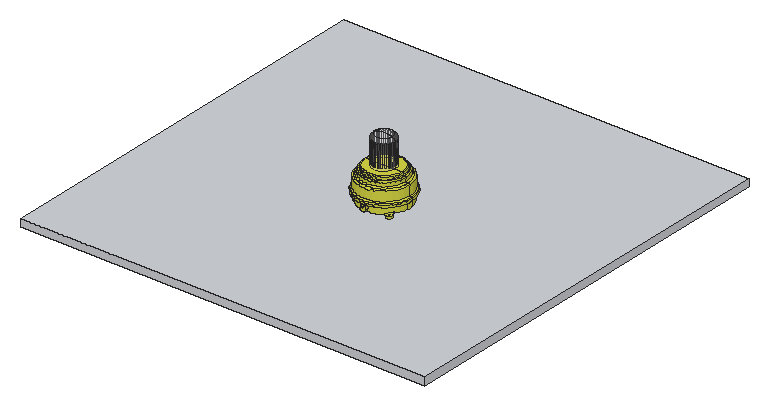
Revit family "EC2N", category Lighting Fixtures, host Face, Revit 2014
Parameters (values of type "EC2N")
  Wings = Paint - Hubbell - Light Silver
  Width = 280.00 mm
  Watts = 50 W
  Wattage Comments = "50W"
  Wattage = 50 W
  Warranty = "5 years Warranty"  # constant formula
  built-in parameter 1150110 = 1 (stored number, unit not read)
  Voltage = 120 V
  URL = "https://www.hubbell.com/chalmit/en"
  built-in parameter 1114217 = 1 (stored number, unit not read)
  Tilt Angle = 90.00°  # constant formula
  built-in parameter 1150109 = 1 (stored number, unit not read)
  built-in parameter 1150134 = 3
  built-in parameter 1150113 = 1 (stored number, unit not read)
  Reflector Finish = Hubbell - White Glass
  Product Link = "https://www.hubbell.com/chalmit/en/Products/Lighting-Controls/Harsh-Hazardous-Lighting/High-Bay---Low-Bay---Well-Glass/Eclipse-II/p/866075"
  Product Documentation Link = "https://hubbellcdn.com/specsheet/CHL_ECLIPSEII_WELLGLASS_ZONE2.pdf"
  Power Factor = 1
  Photometric Web File = "CHL_EC2N_050_HS.ies"
  Pendent Height [instance] = 97.00 mm
  built-in parameter 1150142 = "﻿IESNA:LM-63-1995\r\n[TEST]HPK09955\r\n[TESTLAB]Hubbell Lighting, Inc., Christiansburg, VA 24073-2500\r\n[ISSUEDATE]9-23-2004\r\n[MANUFAC]Chalmit Lighting\r\n[LUMCAT]EC2N/050/HS\r\n[LUMINAIRE]Eclipse II Well Glass\r\n[MORE]HAZ. LOC 8\" TEMPERED FLUTED GLOBE WHITE RUBBER GASKET INSIDE STIPPLING\r\n[LAMPCAT]LU100\r\n[LAMP]50W SON-T\r\n[BALLAST]STD REFERENCE BAL\r\n[DISTRIBUTION]SEMI-DIRECT SC = 0-DEG: 1.9, 90-DEG: 1.9, BTWN 4: 2.1\r\n[MAINTCAT]V\r\n[SEARCH]INDOOR HID\r\n[OTHER]EQUIPPED WITH WHITE SILICONE RUBBER GASKET\r\n[_LUMTYPE]High Bay\r\n[_LAMPTYPE]HID\r\n[_LAMPMORE]Clear Tubular High Pressure Sodium, E27\r\n[_HAZRATING]Zone 2\r\n[_HAZPRO]Ex nA, Ex nR, ATEX, IEC, GOST\r\n[_ENVIRORATING]IP66\r\n[_AMBIENT]-45°C to +55°C (T4)\r\n[_MOUNT]Surface, Suspended, Wall, Stanchion, Pendant\r\n[_KEYWORDS]Wire Guard, Pole, Column, Mast, HPS\r\n[_DRAWFILE]ECLIPSE2-LO.dwg\r\n\r\nTILT=NONE\r\n1 4400 1 68 1 1 1 -0.605 -0.605 0.542\r\n1 1 65\r\n0 2.5 5 7.5 10 12.5 15 17.5 20 22.5 25 27.5 30 32.5 35 37.5 40 42.5 45 47.5 50\r\n 52.5 55 57.5 60 62.5 65 67.5 70 72.5 75 77.5 80 82.5 85 87.5 90 92.5 95 97.5\r\n 100 102.5 105 107.5 110 112.5 115 117.5 120 122.5 125 127.5 130 132.5 135\r\n 137.5 140 142.5 145 147.5 150 152.5 155 157.5 160 162.5 165 180\r\n0\r\n284.4 225.1 153.3 129.7 122.7 120.9 123.7 130.1 150.5 184.3 225.1 251 232 219.1\r\n 242.2 258.4 277.4 337.2 394.6 411.7 418.2 421.9 403.9 388.6 393.2 407.6 420.1\r\n 439.1 449.3 456.7 465.9 470.6 475.2 475.7 479.8 478.9 479.4 471.5 466.4 464.1\r\n 465 476.6 479.4 478 446.9 388.1 300.6 187.6 82 32.4 17.1 13 10.2 8.3 6.9 6 4.6\r\n 4.2 3.7 3.2 2.8 2.3 1.9 1.4 0.9 0.5 0.5 0\r\n"
  Mounting = Paint - Hubbell - Light Silver
  Model = "EC2N"
  Manufacturer = "Chalmit"  # constant formula
  built-in parameter 1150105 = 397.89 (stored number, unit not read)
  Lumens = 5000 lm
  built-in parameter 1150115 = 1 (stored number, unit not read)
  Load Classification = Lighting
  built-in parameter 1150137 = (empty or 0)
  built-in parameter 1150139 = (empty or 0)
  Length = 245.00 mm
  built-in parameter 1150112 = 1 (stored number, unit not read)
  built-in parameter 1150114 = 1 (stored number, unit not read)
  Lamp = "LED"  # constant formula
  Inner Length = 200.00 mm
  built-in parameter 1150132 = (empty or 0)
  built-in parameter 1150102 = (empty or 0)
  built-in parameter 1150107 = 3200 (stored number, unit not read)
  built-in parameter 1150138 = (empty or 0)
  built-in parameter 1150106 = 3.9789 (stored number, unit not read)
  IP Rating = "IP66/67"  # constant formula
  Housing Material = Paint- Hubbell- Yellow
  Glass = Hubbell - Glass
  Fixture distribution = "Direct"  # constant formula
  Features = "Easy access for wiring and control gear.\r\nUnrestricted breathing gear enclosure removes the need for special glands or cable.\r\nCorrosion resistant.\r\nHigh, medium and low bay lighting.\r\nExcellent light distribution.\r\nSuitable for a wide range of ambient temperatures from -30°C to +55°C, dependant on lamp type and wattage.\r\nOption available for Zone 22 combustable dust environments.\r\nATEX Certified, GOST R Approved and IECEx Compliant."  # constant formula
  Emit from Circle Diameter = 50.00 mm
  Emit Shape Visible in Rendering = no
  built-in parameter 1150104 = 9.2903 (stored number, unit not read)
  Height = 535.00 mm
  Dimming Lamp Color Temperature Shift = <None>
  Description = "The Eclipse II wellglass has been designed to make installation quick and simple. The lamp and gear chambers are separated for easy maintenance and require no special cable glands. The luminaire also features a swing barrel nut system. This allows prior installation and wiring of the mounting base without the need to support the body and lamps. This unique design saves on both time and labour costs."  # constant formula
  Default Elevation = 1219.20 mm
  Copyright = " ©2020 Chalmit, a division of Hubbell Lighting, Inc"  # constant formula
  Contact = "https://www.hubbell.com/chalmit/en/contactUs"
  Connector Description = "Lighting Connector"  # constant formula
  Color Filter = 16777215
  built-in parameter 1114218 = 1 (stored number, unit not read)
  built-in parameter 1150133 = 10 (stored number, unit not read)
  Assembly Code = "D5020200"
  Apparent Load = Watts / Power Factor  # 50 VA
Reference planes
  plane 1 "Center (Front/Back)": y = 0
  plane 2: z = 14.125
  plane 3 "Center (Left/Right)": x = 0
  plane 4: z = -150.375
  plane 5: x = 122.5
  plane 6: x = -122.5
  plane 7: z = 105.125
  plane 8: x = -100
  plane 9: x = 100
  plane 10: z = 371.125
  plane 11: z = 178.125
Forms (mm)
  Extrusion 1, solid
    sketch origin (0, 0, 0) x (1, 0, 0) y (0, 1, 0)
      loop
        line (-1219.2, 1219.2) -> (-1219.2, -1219.2) -> (1219.2, -1219.2) -> (1219.2, 1219.2) -> (-1219.2, 1219.2)
    from 14.125 to -31.75
  Revolve 2, solid, material "Paint- Hubbell- Yellow" <- "Housing Material"
    sketch origin (0, 0, 0) x (1, 0, 0) y (0, 0, 1)
      loop
        line (0, 14.125) -> (165, 14.125) -> (165, 70.653)
        arc (165, 70.653) -> (164.187, 73.084) -> (162.074, 74.537) r 4.041
        arc (162.074, 74.537) -> (156.528, 78.349) -> (154.393, 84.732) r 10.607
        line (154.393, 84.732) -> (152.474, 139.698)
        arc (152.474, 139.698) -> (149.552, 143.579) -> (144.924, 145.053) r 8
        line (144.924, 145.053) -> (138.203, 145.053)
        arc (138.203, 145.053) -> (132.44, 147.14) -> (129.35, 152.432) r 9
        line (129.35, 152.432) -> (129.35, 172.432)
        arc (129.35, 172.432) -> (127.885, 175.967) -> (124.35, 177.432) r 5
        line (124.35, 177.432) -> (116.14, 177.432)
        arc (116.14, 177.432) -> (114.268, 178.207) -> (113.492, 180.079) r 2.647
        line (113.492, 180.079) -> (113.492, 192.935)
        arc (113.492, 192.935) -> (112.626, 195.748) -> (110.327, 197.587) r 5
        line (110.327, 197.587) -> (0, 197.587) -> (0, 14.125)
      axis (0, 197.587) -> (0, 14.125)
    angle from 0 to 360
  Revolve 3, solid, material "Hubbell - Glass" <- "Glass"
    sketch origin (0, 0, 0) x (1, 0, 0) y (0, 0, 1)
      loop
        line (0, 197.421) -> (70.292, 197.421) -> (67.81, 339.645)
        arc (67.81, 339.645) -> (62.53, 354.555) -> (49.34, 363.286) r 24.925
        arc (49.34, 363.286) -> (24.876, 368.46) -> (0, 371) r 234.457
        line (0, 371) -> (0, 197.421)
      axis (0, 371) -> (0, 197.421)
    angle from 0 to 360
  Extrusion 4, solid, material "Paint- Hubbell- Yellow" <- "Housing Material"
    sketch origin (-0.804, 79.196, 0) x (0, -1, 0) y (0, 0, -1)
      loop
        line (63.393, -63.584) -> (95, -63.584) -> (95, -29.88)
        arc (95, -29.88) -> (79.196, -14.076) -> (63.393, -29.88) r 15.804
        line (63.393, -29.88) -> (63.393, -63.584)
      loop
        circle (79.821, -44.623) r 10
    from 145.573 to 153.939
  Revolve 5, void
    sketch origin (0, 0, 0) x (1, 0, 0) y (0, 0, 1)
      loop
        arc (156.125, 57.864) -> (151.159, 56.24) -> (147.934, 52.128) r 8.99
        line (147.934, 52.128) -> (147.934, 8.597) -> (168.307, 8.597) -> (168.307, 57.864) -> (156.125, 57.864)
      axis (0, 57.864) -> (0, 8.597)
    angle from 0 to 360
  Extrusion 6, solid, material "Paint- Hubbell- Yellow" <- "Housing Material"
    sketch origin (0.804, 79.196, 0) x (0, -1, 0) y (0, 0, 1)
      loop
        line (63.393, 63.584) -> (63.393, 29.88)
        arc (63.393, 29.88) -> (79.196, 14.076) -> (95, 29.88) r 15.804
        line (95, 29.88) -> (95, 63.584) -> (63.393, 63.584)
      loop
        circle (79.821, 44.623) r 10
    from 144.918 to 150.804
  Extrusion 7, solid, material "Paint- Hubbell- Yellow" <- "Housing Material"
    sketch origin (79.196, -0.804, 0) x (-1, 0, 0) y (0, 0, 1)
      loop
        line (63.393, 63.584) -> (63.393, 29.88)
        arc (63.393, 29.88) -> (79.196, 14.076) -> (95, 29.88) r 15.804
        line (95, 29.88) -> (95, 63.584) -> (63.393, 63.584)
      loop
        circle (79.821, 44.623) r 10
    from 146.2 to 155.804
  Extrusion 8, solid, material "Paint- Hubbell- Yellow" <- "Housing Material"
    sketch origin (79.196, 0.804, 0) x (-1, 0, 0) y (0, 0, -1)
      loop
        line (63.393, -63.584) -> (95, -63.584) -> (95, -29.88)
        arc (95, -29.88) -> (79.196, -14.076) -> (63.393, -29.88) r 15.804
        line (63.393, -29.88) -> (63.393, -63.584)
      loop
        circle (79.821, -44.623) r 10
    from 147.581 to 158.939
  Extrusion 9, solid, material "Paint- Hubbell- Yellow" <- "Housing Material"
    sketch origin (0, 0, 0) x (-0.707107, 0.707107, 0) y (-0.707107, -0.707107, 0)
      loop
        line (-182.678, -18.536) -> (-131.791, -30.695)
        arc (-131.791, -30.695) -> (-135.626, -15.56) -> (-136.916, 0) r 94.489
        arc (-136.916, 0) -> (-136.197, 11.63) -> (-134.053, 23.083) r 94.489
        line (-134.053, 23.083) -> (-182.678, 11.464)
        arc (-182.678, 11.464) -> (-194.516, -3.536) -> (-182.678, -18.536) r 15.422
      loop
        circle (-176.443, -3.536) r 3.5
    from 22.332 to 14.125
  Extrusion 10, solid, material "Paint- Hubbell- Yellow" <- "Housing Material"
    sketch origin (0, 0, 0) x (0.707107, -0.707107, 0) y (0.707107, 0.707107, 0)
      loop
        arc (-175.607, 11.464) -> (-187.445, -3.536) -> (-175.607, -18.536) r 15.422
        line (-175.607, -18.536) -> (-126.982, -30.154)
        arc (-126.982, -30.154) -> (-129.126, -18.701) -> (-129.845, -7.071) r 94.489
        arc (-129.845, -7.071) -> (-128.555, 8.489) -> (-124.72, 23.624) r 94.489
        line (-124.72, 23.624) -> (-175.607, 11.464)
      loop
        circle (-169.372, -3.536) r 3.5
    from 22.332 to 14.125
  Extrusion 11, void
    sketch origin (0, 0, 0) x (1, 0, 0) y (0, 1, 0)
      loop
        line (-4.603, 71.864) -> (-4.603, 66.864) -> (4.147, 66.864) -> (4.147, 71.864) -> (-4.603, 71.864)
      loop
        line (14.154, 70.607) -> (12.859, 65.777) -> (21.311, 63.513) -> (22.605, 68.342) -> (14.154, 70.607)
      loop
        line (31.946, 64.538) -> (29.446, 60.208) -> (37.023, 55.833) -> (39.523, 60.163) -> (31.946, 64.538)
      loop
        line (47.561, 54.071) -> (44.025, 50.535) -> (50.212, 44.348) -> (53.748, 47.884) -> (47.561, 54.071)
      loop
        line (59.935, 39.919) -> (55.605, 37.419) -> (59.98, 29.841) -> (64.31, 32.341) -> (59.935, 39.919)
      loop
        line (68.224, 23.046) -> (63.395, 21.752) -> (65.659, 13.3) -> (70.489, 14.594) -> (68.224, 23.046)
      loop
        line (71.864, 4.603) -> (66.864, 4.603) -> (66.864, -4.147) -> (71.864, -4.147) -> (71.864, 4.603)
      loop
        line (-14.154, 70.607) -> (-22.605, 68.342) -> (-21.311, 63.513) -> (-12.859, 65.777) -> (-14.154, 70.607)
      loop
        line (-31.946, 64.538) -> (-39.523, 60.163) -> (-37.023, 55.833) -> (-29.446, 60.208) -> (-31.946, 64.538)
      loop
        line (-47.561, 54.071) -> (-53.748, 47.884) -> (-50.212, 44.348) -> (-44.025, 50.535) -> (-47.561, 54.071)
      loop
        line (-59.935, 39.919) -> (-64.31, 32.341) -> (-59.98, 29.841) -> (-55.605, 37.419) -> (-59.935, 39.919)
      loop
        line (-68.224, 23.046) -> (-70.489, 14.594) -> (-65.659, 13.3) -> (-63.395, 21.752) -> (-68.224, 23.046)
      loop
        line (-71.864, 4.603) -> (-71.864, -4.147) -> (-66.864, -4.147) -> (-66.864, 4.603) -> (-71.864, 4.603)
      loop
        line (-4.603, -71.864) -> (4.147, -71.864) -> (4.147, -66.864) -> (-4.603, -66.864) -> (-4.603, -71.864)
      loop
        line (14.154, -70.607) -> (22.605, -68.342) -> (21.311, -63.513) -> (12.859, -65.777) -> (14.154, -70.607)
      loop
        line (31.946, -64.538) -> (39.523, -60.163) -> (37.023, -55.833) -> (29.446, -60.208) -> (31.946, -64.538)
      loop
        line (47.561, -54.071) -> (53.748, -47.884) -> (50.212, -44.348) -> (44.025, -50.535) -> (47.561, -54.071)
      loop
        line (59.935, -39.919) -> (64.31, -32.341) -> (59.98, -29.841) -> (55.605, -37.419) -> (59.935, -39.919)
      loop
        line (68.224, -23.046) -> (70.489, -14.594) -> (65.659, -13.3) -> (63.395, -21.752) -> (68.224, -23.046)
      loop
        line (-14.154, -70.607) -> (-12.859, -65.777) -> (-21.311, -63.513) -> (-22.605, -68.342) -> (-14.154, -70.607)
      loop
        line (-31.946, -64.538) -> (-29.446, -60.208) -> (-37.023, -55.833) -> (-39.523, -60.163) -> (-31.946, -64.538)
      loop
        line (-47.561, -54.071) -> (-44.025, -50.535) -> (-50.212, -44.348) -> (-53.748, -47.884) -> (-47.561, -54.071)
      loop
        line (-59.935, -39.919) -> (-55.605, -37.419) -> (-59.98, -29.841) -> (-64.31, -32.341) -> (-59.935, -39.919)
      loop
        line (-68.224, -23.046) -> (-63.395, -21.752) -> (-65.659, -13.3) -> (-70.489, -14.594) -> (-68.224, -23.046)
    from 356.096 to 211.752
Cuts and joins
  Revolve 5 cuts Revolve 2
  joined: Revolve 2, Extrusion 9, Extrusion 10
  Extrusion 11 cuts Revolve 3
Dimensions and locks
  plane 2 to plane 4 = 164.50 mm
  "Length": plane 5 to plane 6
  equal spacing: plane 5, plane 3 "Center (Left/Right)", plane 6
  "Inner Length": plane 9 to plane 8
  equal spacing: plane 9, plane 3 "Center (Left/Right)", plane 8
  plane 11 to Extrusion 1 = 164.00 mm
  plane 10 to Extrusion 1 = 357.00 mm
  aligned and locked: plane 2 to Extrusion 1
Automatic sketch dimensions
  Extrusion 1 sketch curve to Extrusion 1 sketch curve = 2438.40 mm  (x2)
  Revolve 3 sketch curve to plane 3 "Center (Left/Right)" = 0.00 mm  (x2)
  Revolve 3 sketch curve to plane 3 "Center (Left/Right)" = 11.342 mm
  plane 3 "Center (Left/Right)" to Revolve 3 sketch curve = 42.889 mm
  Revolve 3 sketch curve to Revolve 3 sketch curve = 24.921 mm
  Revolve 3 sketch curve to plane 9 = 29.708 mm
  Revolve 3 sketch curve to Revolve 3 sketch curve = 0.435 mm
  Revolve 3 sketch curve to plane 7 = 31.692 mm
  Extrusion 4 sketch curve to plane 1 "Center (Front/Back)" = 0.00 mm
  Extrusion 4 sketch curve to plane 1 "Center (Front/Back)" = 15.804 mm
  plane 1 "Center (Front/Back)" to Extrusion 4 sketch curve = 0.625 mm
  plane 7 to Extrusion 4 sketch curve = 41.541 mm
  Extrusion 4 sketch curve to Extrusion 4 sketch curve = 18.962 mm
  plane 2 to Extrusion 4 sketch curve = 15.755 mm
  Revolve 5 sketch curve to plane 3 "Center (Left/Right)" = 0.00 mm
  plane 5 to Revolve 5 sketch curve = 33.625 mm
  plane 5 to Revolve 5 sketch curve = 33.815 mm
  plane 5 to Revolve 5 sketch curve = 45.807 mm
  Revolve 5 sketch curve to plane 2 = 5.528 mm
  Revolve 5 sketch curve to Revolve 5 sketch curve = 3.252 mm
  Revolve 5 sketch curve to level = 50.875 mm
  Revolve 5 sketch curve to Revolve 5 sketch curve = 30.00 mm
  Extrusion 6 sketch curve to plane 1 "Center (Front/Back)" = 0.00 mm
  Extrusion 6 sketch curve to plane 1 "Center (Front/Back)" = 15.804 mm
  plane 1 "Center (Front/Back)" to Extrusion 6 sketch curve = 0.625 mm
  plane 2 to Extrusion 6 sketch curve = 15.755 mm
  Extrusion 6 sketch curve to Extrusion 6 sketch curve = 14.743 mm
  Extrusion 6 sketch curve to Extrusion 6 sketch curve = 18.962 mm
  Extrusion 7 sketch curve to plane 3 "Center (Left/Right)" = 0.00 mm
  plane 3 "Center (Left/Right)" to Extrusion 7 sketch curve = 15.804 mm
  Extrusion 7 sketch curve to plane 3 "Center (Left/Right)" = 0.625 mm
  plane 2 to Extrusion 7 sketch curve = 15.755 mm
  Extrusion 7 sketch curve to Extrusion 7 sketch curve = 14.743 mm
  Extrusion 7 sketch curve to Extrusion 7 sketch curve = 18.962 mm
  Extrusion 8 sketch curve to plane 3 "Center (Left/Right)" = 0.00 mm
  plane 3 "Center (Left/Right)" to Extrusion 8 sketch curve = 15.804 mm
  Extrusion 8 sketch curve to plane 3 "Center (Left/Right)" = 0.625 mm
  plane 7 to Extrusion 8 sketch curve = 41.541 mm
  Extrusion 8 sketch curve to Extrusion 8 sketch curve = 18.962 mm
  plane 2 to Extrusion 8 sketch curve = 15.755 mm
  Extrusion 9 sketch curve to Extrusion 9 sketch curve = 0.00 mm  (x3)
  Extrusion 9 sketch curve to plane 1 "Center (Front/Back)" = 30.00 mm
  Extrusion 9 sketch curve to plane 3 "Center (Left/Right)" = 30.00 mm
  Extrusion 9 sketch curve to Extrusion 9 sketch curve = 89.365 mm
  Extrusion 9 sketch curve to Extrusion 9 sketch curve = 2.262 mm
  Extrusion 9 sketch curve to Extrusion 9 sketch curve = 42.39 mm
  Extrusion 9 sketch curve to Extrusion 9 sketch curve = 2.65 mm
  Extrusion 9 sketch curve to Extrusion 9 sketch curve = 3.584 mm  (x2)
  Extrusion 9 sketch curve to Extrusion 9 sketch curve = 11.464 mm
  Extrusion 9 sketch curve to Extrusion 9 sketch curve = 23.083 mm
  Extrusion 9 sketch curve to Extrusion 9 sketch curve = 15.00 mm
  Extrusion 10 sketch curve to Extrusion 10 sketch curve = 0.00 mm  (x3)
  Extrusion 10 sketch curve to plane 1 "Center (Front/Back)" = 20.00 mm
  Extrusion 10 sketch curve to plane 3 "Center (Left/Right)" = 30.00 mm
  Extrusion 10 sketch curve to Extrusion 10 sketch curve = 89.365 mm
  Extrusion 10 sketch curve to Extrusion 10 sketch curve = 2.262 mm
  Extrusion 10 sketch curve to Extrusion 10 sketch curve = 42.39 mm
  Extrusion 10 sketch curve to Extrusion 10 sketch curve = 2.65 mm
  Extrusion 10 sketch curve to Extrusion 10 sketch curve = 3.584 mm  (x2)
  Extrusion 10 sketch curve to Extrusion 10 sketch curve = 11.464 mm
  Extrusion 10 sketch curve to Extrusion 10 sketch curve = 23.083 mm
  Extrusion 10 sketch curve to Extrusion 10 sketch curve = 15.00 mm
  Extrusion 11 sketch curve to plane 1 "Center (Front/Back)" = 4.603 mm  (x2)
  plane 8 to Extrusion 11 sketch curve = 28.136 mm
  plane 1 "Center (Front/Back)" to Extrusion 11 sketch curve = 14.594 mm
  Extrusion 11 sketch curve to Extrusion 11 sketch curve = 1.375 mm  (x2)
  Extrusion 11 sketch curve to plane 1 "Center (Front/Back)" = 14.594 mm
  Extrusion 11 sketch curve to Extrusion 11 sketch curve = 2.265 mm  (x8)
  Extrusion 11 sketch curve to Extrusion 11 sketch curve = 5.00 mm  (x4)
  plane 1 "Center (Front/Back)" to Extrusion 11 sketch curve = 13.30 mm  (x2)
  Extrusion 11 sketch curve to Extrusion 11 sketch curve = 4.83 mm  (x4)
  Extrusion 11 sketch curve to plane 1 "Center (Front/Back)" = 13.30 mm  (x2)
  Extrusion 11 sketch curve to Extrusion 11 sketch curve = 3.914 mm  (x2)
  Extrusion 11 sketch curve to Extrusion 11 sketch curve = 4.33 mm  (x8)
  Extrusion 11 sketch curve to Extrusion 11 sketch curve = 4.375 mm  (x4)
  Extrusion 11 sketch curve to Extrusion 11 sketch curve = 6.187 mm  (x6)
  Extrusion 11 sketch curve to Extrusion 11 sketch curve = 3.536 mm  (x8)
  Extrusion 11 sketch curve to Extrusion 11 sketch curve = 8.037 mm  (x2)
  Extrusion 11 sketch curve to Extrusion 11 sketch curve = 2.50 mm  (x8)
  Extrusion 11 sketch curve to Extrusion 11 sketch curve = 7.578 mm  (x4)
  Extrusion 11 sketch curve to Extrusion 11 sketch curve = 9.34 mm  (x2)
  Extrusion 11 sketch curve to Extrusion 11 sketch curve = 1.294 mm  (x5)
  Extrusion 11 sketch curve to Extrusion 11 sketch curve = 8.452 mm  (x4)
  Extrusion 11 sketch curve to plane 3 "Center (Left/Right)" = 4.603 mm  (x2)
  plane 3 "Center (Left/Right)" to Extrusion 11 sketch curve = 4.147 mm  (x2)
  Extrusion 11 sketch curve to Extrusion 11 sketch curve = 8.713 mm  (x2)
  Extrusion 11 sketch curve to Extrusion 11 sketch curve = 8.134 mm  (x2)
  Extrusion 11 sketch curve to Extrusion 11 sketch curve = 7.002 mm  (x2)
  Extrusion 11 sketch curve to Extrusion 11 sketch curve = 5.392 mm  (x2)
  Extrusion 11 sketch curve to Extrusion 11 sketch curve = 3.415 mm  (x2)
  Extrusion 11 sketch curve to Extrusion 11 sketch curve = 1.205 mm
  Extrusion 11 sketch curve to Extrusion 11 sketch curve = 9.746 mm
  Extrusion 11 sketch curve to Extrusion 11 sketch curve = 8.089 mm  (x4)
  Extrusion 11 sketch curve to Extrusion 11 sketch curve = 6.929 mm  (x4)
  Extrusion 11 sketch curve to Extrusion 11 sketch curve = 5.298 mm  (x4)
  Extrusion 11 sketch curve to Extrusion 11 sketch curve = 3.305 mm  (x4)
  Extrusion 11 sketch curve to Extrusion 11 sketch curve = 1.087 mm  (x2)
  plane 1 "Center (Front/Back)" to Extrusion 11 sketch curve = 4.147 mm  (x2)
  Revolve 3 sketch curve to Revolve 3 sketch curve = 7.714 mm
  Revolve 3 sketch curve to Revolve 3 sketch curve = 61.875 mm
  Revolve 3 sketch curve to plane 11 = 19.296 mm
  plane 10 to Revolve 3 sketch curve = 31.915 mm
  Revolve 3 sketch curve to plane 11 = 6.00 mm
  Revolve 5 sketch curve to Revolve 5 sketch curve = 8.381 mm
  plane 2 to Revolve 5 sketch curve = 34.751 mm
  Revolve 2 sketch curve to plane 3 "Center (Left/Right)" = 0.00 mm  (x2)
  Revolve 2 sketch curve to plane 2 = 0.00 mm
  plane 9 to Revolve 2 sketch curve = 8.492 mm
  Revolve 2 sketch curve to Revolve 2 sketch curve = 1.834 mm
  Revolve 2 sketch curve to Revolve 2 sketch curve = 5.00 mm  (x2)
  plane 11 to Revolve 2 sketch curve = 0.693 mm
  Revolve 2 sketch curve to Revolve 2 sketch curve = 2.647 mm
  plane 5 to Revolve 2 sketch curve = 1.85 mm
  Revolve 2 sketch curve to Revolve 2 sketch curve = 8.853 mm
  Revolve 2 sketch curve to Revolve 2 sketch curve = 6.721 mm
  Revolve 2 sketch curve to Revolve 2 sketch curve = 7.55 mm
  plane 5 to Revolve 2 sketch curve = 31.893 mm
  Revolve 2 sketch curve to Revolve 2 sketch curve = 6.566 mm
  plane 5 to Revolve 2 sketch curve = 42.50 mm
  Revolve 2 sketch curve to Revolve 2 sketch curve = 10.607 mm
  plane 7 to Revolve 2 sketch curve = 34.472 mm
  Revolve 2 sketch curve to Revolve 2 sketch curve = 14.079 mm
  Revolve 2 sketch curve to plane 7 = 31.928 mm
  Revolve 2 sketch curve to Revolve 2 sketch curve = 2.645 mm
  Revolve 2 sketch curve to Revolve 2 sketch curve = 7.379 mm
  Revolve 2 sketch curve to Revolve 2 sketch curve = 12.856 mm
  Revolve 2 sketch curve to plane 4 = 85.50 mm
  Revolve 2 sketch curve to plane 10 = 33.00 mm
  radius of Extrusion 4 sketch curve = 10.00 mm
  radius of Extrusion 6 sketch curve = 10.00 mm
  radius of Extrusion 7 sketch curve = 10.00 mm
  radius of Extrusion 8 sketch curve = 10.00 mm
  radius of Extrusion 9 sketch curve = 3.50 mm
  radius of Extrusion 10 sketch curve = 3.50 mm
Connectors
  electrical at (67.853, -64.938, 14.125), driven by "Voltage", driven by "Apparent Load", driven by "Power Factor", driven by "Connector Description"
    settings: on cut or joined group of Revolve 2, Revolve 5, Extrusion 9, Extrusion 10, index 1, voltage 120 V, apparent load 50 VA, apparent load phase1 0 VA, apparent load phase2 0 VA, apparent load phase3 0 VA, power factor 1, load classification "Other", number of poles 1, system type 30, power factor state 1, is connector primary yes, connector utility no, sub classification motor no, connector description "Lighting Connector"
